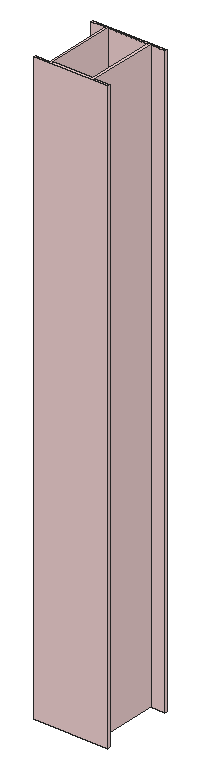
Revit family "PIL_LAM_H_DUP", category Structural Columns, Revit 2020
Family settings
  Section Shape = Not Defined
  Material for Model Behavior = Steel
  Always export as geometry = No
  Beam cutback in plan = From bounding box
  OmniClass Number = 23.25.30.11.14.11
  OmniClass Title = Columns
  Cut with Voids When Loaded = No
  Symbolic Representation = From Family
  Shared = Yes
  Show family pre-cut in plan views = Yes
Parameters (values of type "PIL_050x050_MET_H_DUP")
  Structural Material [instance] = CT_Estrutura_Metalica
  Depth = 0.500 m
  Width = 0.500 m
  Coluna_S [instance] = 0.100 m
  Coluna_E = 0.015 m
Reference planes (m)
  plane 1 "Center (Front/Back)": y = 0
  plane 2: z = 0
  plane 3 "Center (Left/Right)": x = 0
  plane 4 "Left": x = -0.25
  plane 5 "Right": x = 0.25
  plane 6 "Back": y = 0.25
  plane 7 "Front": y = -0.25
  plane 8: y = -0.235
  plane 9: y = 0.235
  plane 10: x = 0.135
  plane 11: x = -0.15
  plane 12: x = -0.135
  plane 13: x = 0.15
Forms (m)
  Extrusion 1, solid, material "CT_Estrutura_Metalica" <- "Structural Material"
    sketch origin (0, 0, 0) x (1, 0, 0) y (0, 1, 0)
      loop
        line (-0.25, 0.25) -> (-0.25, 0.235) -> (-0.15, 0.235) -> (-0.15, -0.235) -> (-0.25, -0.235) -> (-0.25, -0.25) -> (0.25, -0.25) -> (0.25, -0.235) -> (0.15, -0.235) -> (0.15, 0.235) -> (0.25, 0.235) -> (0.25, 0.25) -> (-0.25, 0.25)
      loop
        line (-0.135, 0.235) -> (-0.135, -0.235) -> (0.135, -0.235) -> (0.135, 0.235) -> (-0.135, 0.235)
    from 0 to 4
Dimensions and locks (m)
  equal spacing: plane 4 "Left", plane 3 "Center (Left/Right)", plane 5 "Right"
  equal spacing: plane 7 "Front", plane 1 "Center (Front/Back)", plane 6 "Back"
  "Width": plane 4 "Left" to plane 5 "Right"
  "Depth": plane 7 "Front" to plane 6 "Back"
  "Coluna_E": plane 9 to plane 6 "Back"
  "Coluna_E": plane 8 to plane 7 "Front"
  "Coluna_E": plane 11 to plane 12
  "Coluna_E": plane 10 to plane 13
  equal spacing: plane 11, plane 3 "Center (Left/Right)", plane 13
  "Coluna_S": plane 4 "Left" to plane 11
  aligned and locked: level to plane 2
  aligned and locked: plane 6 "Back" to Extrusion 1 sketch curve
  aligned and locked: Extrusion 1 sketch curve to plane 7 "Front"
  aligned and locked: Extrusion 1 sketch curve to plane 8  (x2)
  aligned and locked: plane 9 to Extrusion 1 sketch curve  (x2)
  aligned and locked: Extrusion 1 sketch curve to plane 9
  aligned and locked: Extrusion 1 sketch curve to plane 12
  aligned and locked: plane 8 to Extrusion 1 sketch curve
  aligned and locked: Extrusion 1 sketch curve to plane 10
  aligned and locked: plane 5 "Right" to Extrusion 1 sketch curve  (x2)
  aligned and locked: Extrusion 1 sketch curve to plane 4 "Left"  (x2)
  aligned and locked: level to Extrusion 1
  aligned and locked: plane 11 to Extrusion 1 sketch curve
  aligned and locked: Extrusion 1 sketch curve to plane 13
